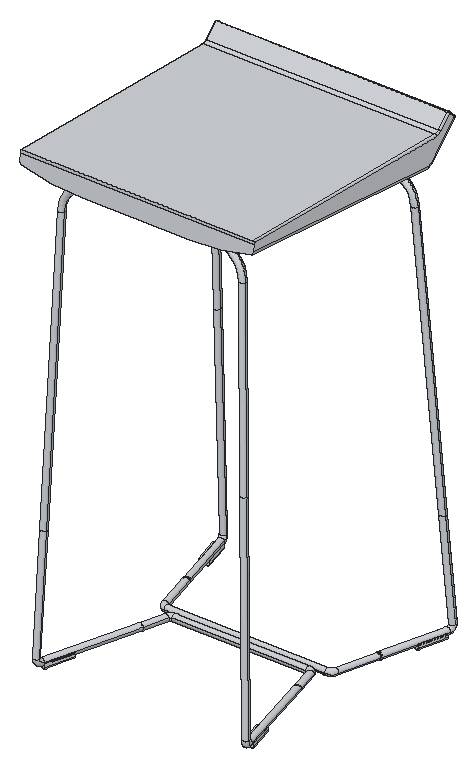
Revit family (continued)
Automatic sketch dimensions
  Sweep 28 sketch curve to Sweep 28 sketch curve = 0.00622"
  Sweep 29 sketch curve to Sweep 29 sketch curve = 0.07224"
  Sweep 29 sketch curve to Sweep 29 sketch curve = 1.9987"
  Sweep 29 sketch curve to profile plane = 0.06697"
  Sweep 29 sketch curve to profile plane = 0.22473"  (x2)
  Sweep 29 sketch curve to Sweep 29 sketch curve = 0.06087"
  Sweep 29 sketch curve to Sweep 29 sketch curve = 0.25079"  (x2)
  profile plane to Sweep 29 sketch curve = 0.03925"
  Sweep 29 sketch curve to Sweep 29 sketch curve = 0.10"
  Sweep 29 sketch curve to Sweep 29 sketch curve = 0.21752"
  Sweep 29 sketch curve to Sweep 29 sketch curve = 0.00622"
  Sweep 30 sketch curve to Sweep 30 sketch curve = 0.07224"
  Sweep 30 sketch curve to Sweep 30 sketch curve = 1.9987"
  profile plane to Sweep 30 sketch curve = 0.57552"
  profile plane to Sweep 30 sketch curve = 0.03925"
  Sweep 30 sketch curve to Sweep 30 sketch curve = 0.10"  (x2)
  profile plane to Sweep 30 sketch curve = 0.2856"
  profile plane to Sweep 30 sketch curve = 0.22473"  (x2)
  Sweep 30 sketch curve to profile plane = 0.06697"
  Sweep 30 sketch curve to Sweep 30 sketch curve = 0.21752"
  Sweep 30 sketch curve to Sweep 30 sketch curve = 0.00622"
  Extrusion 31 sketch curve to plane 10 = 0.82058"
  plane 10 to Extrusion 31 sketch curve = 0.19429"
  Extrusion 31 sketch curve to plane 10 = 0.68515"
  Extrusion 31 sketch curve to plane 10 = 3.25097"
  Extrusion 31 sketch curve to plane 10 = 0.40155"
  Extrusion 31 sketch curve to plane 10 = 1.86519"
  Extrusion 31 sketch curve to Extrusion 31 sketch curve = 0.87944"
  Extrusion 32 sketch curve to plane 10 = 0.82058"
  plane 10 to Extrusion 32 sketch curve = 0.19429"
  Extrusion 32 sketch curve to Extrusion 32 sketch curve = 0.37429"
  plane 10 to Extrusion 32 sketch curve = 0.32101"
  Extrusion 32 sketch curve to Extrusion 32 sketch curve = 0.73932"
  Extrusion 32 sketch curve to plane 10 = 0.67694"
  Extrusion 32 sketch curve to Extrusion 32 sketch curve = 0.43112"
  Extrusion 32 sketch curve to plane 10 = 3.19001"
  Extrusion 32 sketch curve to plane 10 = 0.40155"
  Extrusion 32 sketch curve to Extrusion 32 sketch curve = 15.34582"
  Extrusion 32 sketch curve to plane 10 = 1.86519"
  Extrusion 32 sketch curve to Extrusion 32 sketch curve = 0.54664"
  Extrusion 32 sketch curve to plane 10 = 0.35235"
  Extrusion 32 sketch curve to Extrusion 32 sketch curve = 0.33118"
  Extrusion 31 sketch curve to Extrusion 31 sketch curve = 15.71144"
  Extrusion 33 sketch curve to Extrusion 33 sketch curve = 1.01487"
  Extrusion 33 sketch curve to Extrusion 33 sketch curve = 0.87944"
  Extrusion 33 sketch curve to Extrusion 33 sketch curve = 0.53609"
  Extrusion 33 sketch curve to Extrusion 33 sketch curve = 15.71144"
  Extrusion 33 sketch curve to Extrusion 33 sketch curve = 0.12805"
  Extrusion 33 sketch curve to Extrusion 33 sketch curve = 1.38578"
  Extrusion 33 sketch curve to Extrusion 33 sketch curve = 2.43039"
  Extrusion 34 sketch curve to Extrusion 34 sketch curve = 1.01487"
  Extrusion 34 sketch curve to Extrusion 34 sketch curve = 0.54664"
  Extrusion 34 sketch curve to Extrusion 34 sketch curve = 0.37429"
  Extrusion 34 sketch curve to Extrusion 34 sketch curve = 0.73932"
  Extrusion 34 sketch curve to Extrusion 34 sketch curve = 0.80338"
  Extrusion 34 sketch curve to Extrusion 34 sketch curve = 0.86021"
  Extrusion 34 sketch curve to Extrusion 34 sketch curve = 0.33118"
  Extrusion 34 sketch curve to Extrusion 34 sketch curve = 15.01464"
  Extrusion 34 sketch curve to Extrusion 34 sketch curve = 0.12805"
  Extrusion 34 sketch curve to Extrusion 34 sketch curve = 0.43363"
  Extrusion 34 sketch curve to Extrusion 34 sketch curve = 1.32481"
  Extrusion 34 sketch curve to Extrusion 34 sketch curve = 1.9358"
  Extrusion 34 sketch curve to Extrusion 34 sketch curve = 0.32459"
  Masking region 1 sketch curve to plane 3 "Center (Left/Right)" = 0.00"
  plane 3 "Center (Left/Right)" to Masking region 1 sketch curve = 3.75"
  Masking region 1 sketch curve to Masking region 1 sketch curve = 4.35136"
  Masking region 1 sketch curve to Masking region 1 sketch curve = 0.02763"
  Masking region 1 sketch curve to Masking region 1 sketch curve = 0.00"  (x2)
  Masking region 1 sketch curve to Masking region 1 sketch curve = 4.4882"  (x2)
  Masking region 1 sketch curve to Masking region 1 sketch curve = 3.75"
  Masking region 1 sketch curve to Masking region 1 sketch curve = 4.35735"
  Masking region 1 sketch curve to Masking region 1 sketch curve = 0.02644"
  plane 1 "Center (Front/Back)" to Masking region 1 sketch curve = 12.50471"
  Masking region 1 sketch curve to Masking region 1 sketch curve = 3.49537"
  Sweep 35 sketch curve to Sweep 35 sketch curve = 1.9302"  (x2)
  Sweep 35 sketch curve to Sweep 35 sketch curve = 0.0698"
  Sweep 35 sketch curve to Sweep 35 sketch curve = 19.98782"
  Sweep 35 sketch curve to Sweep 35 sketch curve = 0.00"
  Sweep 43 sketch curve to Sweep 43 sketch curve = 1.9302"  (x2)
  Sweep 43 sketch curve to Sweep 43 sketch curve = 0.0698"
  Sweep 43 sketch curve to Sweep 43 sketch curve = 15.02719"
  Sweep 43 sketch curve to Sweep 43 sketch curve = 0.00"
  profile plane to Sweep 35 sketch curve = 0.00"
  Sweep 35 sketch curve to profile plane = 0.00015"
  Sweep 36 sketch curve to Sweep 36 sketch curve = 14.71258"
  Sweep 36 sketch curve to Sweep 36 sketch curve = 0.28742"
  Sweep 36 sketch curve to Sweep 36 sketch curve = 0.09967"
  Sweep 36 sketch curve to Sweep 36 sketch curve = 0.10"
  Sweep 36 sketch curve to Sweep 36 sketch curve = 4.7342"
  Sweep 36 sketch curve to Sweep 36 sketch curve = 0.00"  (x2)
  Sweep 36 sketch curve to profile plane = 0.19789"
  Sweep 36 sketch curve to Sweep 36 sketch curve = 0.05694"  (x2)
  Sweep 36 sketch curve to profile plane = 0.05251"
  Sweep 36 sketch curve to Sweep 36 sketch curve = 0.2125"
  Sweep 37 sketch curve to Sweep 37 sketch curve = 14.71258"
  Sweep 37 sketch curve to Sweep 37 sketch curve = 0.28742"
  Sweep 37 sketch curve to Sweep 37 sketch curve = 0.09967"
  Sweep 37 sketch curve to Sweep 37 sketch curve = 4.7342"
  Sweep 37 sketch curve to Sweep 37 sketch curve = 0.00815"
  Sweep 37 sketch curve to Sweep 37 sketch curve = 0.00"  (x2)
  Sweep 37 sketch curve to profile plane = 0.05251"
  profile plane to Sweep 37 sketch curve = 0.31177"
  Sweep 37 sketch curve to Sweep 37 sketch curve = 0.05694"
  profile plane to Sweep 37 sketch curve = 0.19789"
  Sweep 37 sketch curve to Sweep 37 sketch curve = 0.2125"
  plane 3 "Center (Left/Right)" to Sweep 38 sketch curve = 6.52934"
  Sweep 38 sketch curve to plane 1 "Center (Front/Back)" = 1.0079"  (x2)
  Sweep 38 sketch curve to Sweep 38 sketch curve = 0.78194"  (x2)
  Sweep 38 sketch curve to Sweep 38 sketch curve = 0.09654"  (x2)
  Sweep 38 sketch curve to plane 1 "Center (Front/Back)" = 0.93397"
  Sweep 38 sketch curve to plane 3 "Center (Left/Right)" = 5.65086"
  Sweep 38 sketch curve to Sweep 38 sketch curve = 2.8963"  (x2)
  level to Sweep 38 sketch curve = 0.27653"
  profile plane to Sweep 38 sketch curve = 0.48836"
  Sweep 38 sketch curve to Sweep 38 sketch curve = 0.00"  (x2)
  Sweep 38 sketch curve to Sweep 38 sketch curve = 0.00676"
  Sweep 38 sketch curve to Sweep 38 sketch curve = 0.21324"
  profile plane to Sweep 38 sketch curve = 0.05512"
  Sweep 38 sketch curve to Sweep 38 sketch curve = 0.05412"
  Sweep 39 sketch curve to plane 3 "Center (Left/Right)" = 4.38681"
  plane 3 "Center (Left/Right)" to Sweep 39 sketch curve = 6.38559"
  Sweep 39 sketch curve to Sweep 39 sketch curve = 1.9302"  (x2)
  Sweep 39 sketch curve to plane 3 "Center (Left/Right)" = 6.38559"
  Sweep 39 sketch curve to Sweep 39 sketch curve = 2.00"
  Sweep 39 sketch curve to plane 3 "Center (Left/Right)" = 7.08795"
  Sweep 39 sketch curve to Sweep 39 sketch curve = 20.11282"
  plane 3 "Center (Left/Right)" to Sweep 39 sketch curve = 7.08795"
  Sweep 39 sketch curve to Sweep 39 sketch curve = 0.00"
  Sweep 39 sketch curve to profile plane = 0.00"
  Sweep 39 sketch curve to profile plane = 0.00015"
  Sweep 40 sketch curve to Sweep 40 sketch curve = 14.85613"
  Sweep 40 sketch curve to Sweep 40 sketch curve = 0.14387"
  Sweep 40 sketch curve to Sweep 40 sketch curve = 0.09993"
  Sweep 40 sketch curve to Sweep 40 sketch curve = 6.7456"
  Sweep 40 sketch curve to Sweep 40 sketch curve = 0.00361"
  Sweep 40 sketch curve to Sweep 40 sketch curve = 0.00"  (x2)
  Sweep 40 sketch curve to profile plane = 0.20807"
  Sweep 40 sketch curve to Sweep 40 sketch curve = 0.05694"  (x2)
  Sweep 40 sketch curve to profile plane = 0.05251"
  Sweep 40 sketch curve to Sweep 40 sketch curve = 0.2125"
  Sweep 41 sketch curve to Sweep 41 sketch curve = 14.85613"
  Sweep 41 sketch curve to Sweep 41 sketch curve = 0.14387"
  Sweep 41 sketch curve to Sweep 41 sketch curve = 0.09993"
  Sweep 41 sketch curve to Sweep 41 sketch curve = 0.10"
  Sweep 41 sketch curve to Sweep 41 sketch curve = 6.7456"
  Sweep 41 sketch curve to Sweep 41 sketch curve = 0.00"  (x2)
  Sweep 41 sketch curve to profile plane = 0.05251"
  profile plane to Sweep 41 sketch curve = 0.32195"
  Sweep 41 sketch curve to Sweep 41 sketch curve = 0.05694"
  profile plane to Sweep 41 sketch curve = 0.20807"
  Sweep 41 sketch curve to Sweep 41 sketch curve = 0.2125"
  plane 1 "Center (Front/Back)" to Sweep 42 sketch curve = 0.125"
  Sweep 42 sketch curve to Sweep 42 sketch curve = 0.07402"  (x2)
  Sweep 42 sketch curve to Sweep 42 sketch curve = 0.02598"  (x2)
  Sweep 42 sketch curve to Sweep 42 sketch curve = 1.73232"  (x2)
  plane 3 "Center (Left/Right)" to Sweep 42 sketch curve = 5.27509"
  Sweep 42 sketch curve to Sweep 42 sketch curve = 0.46598"  (x2)
  Sweep 42 sketch curve to plane 3 "Center (Left/Right)" = 4.71254"
  profile plane to Sweep 42 sketch curve = 0.19893"
  profile plane to Sweep 42 sketch curve = 0.48531"
  Sweep 42 sketch curve to Sweep 42 sketch curve = 0.21384"
  Sweep 42 sketch curve to Sweep 42 sketch curve = 0.00"  (x2)
  profile plane to Sweep 42 sketch curve = 0.05762"
  profile plane to Sweep 42 sketch curve = 0.05147"
  profile plane to Sweep 42 sketch curve = 0.25061"
  profile plane to Sweep 43 sketch curve = 0.00"
  Sweep 43 sketch curve to profile plane = 0.00015"
  Sweep 44 sketch curve to plane 3 "Center (Left/Right)" = 4.56045"
  plane 3 "Center (Left/Right)" to Sweep 44 sketch curve = 6.55923"
  Sweep 44 sketch curve to Sweep 44 sketch curve = 1.9302"  (x2)
  Sweep 44 sketch curve to plane 3 "Center (Left/Right)" = 6.55923"
  Sweep 44 sketch curve to Sweep 44 sketch curve = 0.0698"
  Sweep 44 sketch curve to plane 3 "Center (Left/Right)" = 7.08795"
  Sweep 44 sketch curve to Sweep 44 sketch curve = 15.14051"
  plane 3 "Center (Left/Right)" to Sweep 44 sketch curve = 7.08795"
  Sweep 44 sketch curve to Sweep 44 sketch curve = 0.00"
  Sweep 44 sketch curve to profile plane = 0.00"
  Sweep 44 sketch curve to profile plane = 0.00015"
  Sweep 45 sketch curve to Sweep 45 sketch curve = 14.71258"
  Sweep 45 sketch curve to Sweep 45 sketch curve = 0.28742"
  Sweep 45 sketch curve to Sweep 45 sketch curve = 0.09967"
  Sweep 45 sketch curve to Sweep 45 sketch curve = 0.10"
  Sweep 45 sketch curve to Sweep 45 sketch curve = 4.7342"
  Sweep 45 sketch curve to Sweep 45 sketch curve = 0.00"  (x2)
  Sweep 45 sketch curve to profile plane = 0.19789"
  Sweep 45 sketch curve to Sweep 45 sketch curve = 0.05694"  (x2)
  Sweep 45 sketch curve to profile plane = 0.05251"
  Sweep 45 sketch curve to Sweep 45 sketch curve = 0.2125"
  Sweep 46 sketch curve to Sweep 46 sketch curve = 14.71258"
  Sweep 46 sketch curve to Sweep 46 sketch curve = 0.28742"
  Sweep 46 sketch curve to Sweep 46 sketch curve = 0.09967"
  Sweep 46 sketch curve to Sweep 46 sketch curve = 4.7342"
  Sweep 46 sketch curve to Sweep 46 sketch curve = 0.00815"
  Sweep 46 sketch curve to Sweep 46 sketch curve = 0.00"  (x2)
  Sweep 46 sketch curve to profile plane = 0.05251"
  profile plane to Sweep 46 sketch curve = 0.31177"
  Sweep 46 sketch curve to Sweep 46 sketch curve = 0.05694"
  profile plane to Sweep 46 sketch curve = 0.19789"
  Sweep 46 sketch curve to Sweep 46 sketch curve = 0.2125"
  plane 3 "Center (Left/Right)" to Sweep 47 sketch curve = 6.52934"
  Sweep 47 sketch curve to plane 1 "Center (Front/Back)" = 1.0079"  (x2)
  Sweep 47 sketch curve to Sweep 47 sketch curve = 0.78194"  (x2)
  Sweep 47 sketch curve to Sweep 47 sketch curve = 0.09654"  (x2)
  Sweep 47 sketch curve to plane 1 "Center (Front/Back)" = 0.93397"
  Sweep 47 sketch curve to plane 3 "Center (Left/Right)" = 5.65086"
  Sweep 47 sketch curve to Sweep 47 sketch curve = 2.8963"  (x2)
  level to Sweep 47 sketch curve = 0.27653"
  profile plane to Sweep 47 sketch curve = 0.48836"
  Sweep 47 sketch curve to Sweep 47 sketch curve = 0.00"  (x2)
  Sweep 47 sketch curve to Sweep 47 sketch curve = 0.00676"
  Sweep 47 sketch curve to Sweep 47 sketch curve = 0.21324"
  profile plane to Sweep 47 sketch curve = 0.05512"
  Sweep 47 sketch curve to Sweep 47 sketch curve = 0.05412"
  Sweep 48 sketch curve to Sweep 48 sketch curve = 14.85613"
  Sweep 48 sketch curve to Sweep 48 sketch curve = 0.14387"
  Sweep 48 sketch curve to Sweep 48 sketch curve = 0.09993"
  Sweep 48 sketch curve to Sweep 48 sketch curve = 6.7456"
  Sweep 48 sketch curve to Sweep 48 sketch curve = 0.00361"
  Sweep 48 sketch curve to Sweep 48 sketch curve = 0.00"  (x2)
  Sweep 48 sketch curve to profile plane = 0.20807"
  Sweep 48 sketch curve to Sweep 48 sketch curve = 0.05694"  (x2)
  Sweep 48 sketch curve to profile plane = 0.05251"
  Sweep 48 sketch curve to Sweep 48 sketch curve = 0.2125"
  Sweep 49 sketch curve to Sweep 49 sketch curve = 14.85613"
  Sweep 49 sketch curve to Sweep 49 sketch curve = 0.14387"
  Sweep 49 sketch curve to Sweep 49 sketch curve = 0.09993"
  Sweep 49 sketch curve to Sweep 49 sketch curve = 0.10"
  Sweep 49 sketch curve to Sweep 49 sketch curve = 6.7456"
  Sweep 49 sketch curve to Sweep 49 sketch curve = 0.00"  (x2)
  Sweep 49 sketch curve to profile plane = 0.05251"
  profile plane to Sweep 49 sketch curve = 0.32195"
  Sweep 49 sketch curve to Sweep 49 sketch curve = 0.05694"
  profile plane to Sweep 49 sketch curve = 0.20807"
  Sweep 49 sketch curve to Sweep 49 sketch curve = 0.2125"
  plane 1 "Center (Front/Back)" to Sweep 50 sketch curve = 0.125"
  Sweep 50 sketch curve to Sweep 50 sketch curve = 0.07402"  (x2)
  Sweep 50 sketch curve to Sweep 50 sketch curve = 0.02598"  (x2)
  Sweep 50 sketch curve to Sweep 50 sketch curve = 1.73232"  (x2)
  plane 3 "Center (Left/Right)" to Sweep 50 sketch curve = 5.27509"
  Sweep 50 sketch curve to Sweep 50 sketch curve = 0.46598"  (x2)
  Sweep 50 sketch curve to plane 3 "Center (Left/Right)" = 4.71254"
  profile plane to Sweep 50 sketch curve = 0.19893"
  profile plane to Sweep 50 sketch curve = 0.48531"
  Sweep 50 sketch curve to Sweep 50 sketch curve = 0.21384"
  Sweep 50 sketch curve to Sweep 50 sketch curve = 0.00"  (x2)
  profile plane to Sweep 50 sketch curve = 0.05762"
  profile plane to Sweep 50 sketch curve = 0.05147"
  profile plane to Sweep 50 sketch curve = 0.25061"
  radius of Sweep 6 sketch curve = 0.22"
  radius of Sweep 10 sketch curve = 0.22"
  radius of Sweep 5 sketch curve to Sweep 3 = 0.00"
  radius of Sweep 15 sketch curve to Sweep 13 = 0.00"
  radius of Sweep 19 sketch curve = 0.22"
  radius of Sweep 20 sketch curve = 0.22"
  radius of Sweep 35 sketch curve = 0.22"
  radius of Sweep 39 sketch curve = 0.22"
  radius of Sweep 43 sketch curve = 0.22"
  radius of Sweep 44 sketch curve = 0.22"
Nested families
  nested 1: "Furniture_Tag_Integra" at (0, 0, 0), type "Center", detail levels fine
    with Offset (LR) 0.00"
Definition of nested family "Furniture_Tag_Integra"
  Parameters (values of type "Center")
    P_Width = 0.00"
    Text_Width = "Empty"
    Text_Height = "Empty"
    Text_Diameter = "Empty"
    Text_Depth = "Empty"
    Offset (LR) [instance] = 0.00"
    Model Name = "Empty"
    P_Height = 0.00"
    Distance of Center (not Change) = 0.00"
    P_Diameter = 0.00"
    P_Depth = 0.00"
  Types (2): name | Distance of Center (not Change)
    Center | 0.00"
    Offset | 0.09843"
  Reference planes
    plane 1: y = 0
    plane 2: x = 0
  Lines and regions (mm)
    reference lines
      curve 1: line (-11.267, 0, 0) -> (10.436, 0, 0)
      curve 3: line (0, 8.271, 0) -> (0, -10.216, 0)
    reference lines, not visible
      curve 2: line (-11.267, 2.5, 0) -> (10.436, 2.5, 0)
      curve 4: line (0, 10.771, 0) -> (0, -7.716, 0)
  Text (mm)
    label "Empty" at (0.05, -0.201, 0), shows "Model Name"
    label "Empty" at (0.05, 2.299, 0), shows "Model Name", not visible
  Dimensions and locks
    "Distance of Center (not Change)": plane 1 to curve 1
    "Offset (LR)": curve 3 to plane 2
  Automatic sketch dimensions
    curve 1 to curve 3 = 0.44359"
    curve 3 to curve 1 = 0.41085"
    curve 3 to curve 1 = 0.40221"
    curve 1 to curve 3 = 0.32564"
    curve 2 to curve 4 = 0.44359"
    curve 4 to curve 2 = 0.41085"
    curve 4 to curve 2 = 0.40221"
    curve 2 to curve 4 = 0.32564"
Types (3): name | Model | Height | Description | Counterstool | Barstool
  (no name) | "9091" | 33.00" | "Barstool" | no | yes
  Counterstool | "9090" | 28.00" | "Counterstool" | yes | no
  Barstool | "9091" | 33.00" | "Barstool" | no | yes
